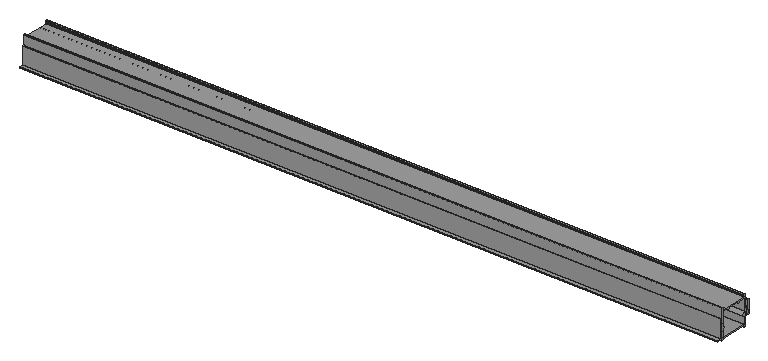
Revit family "Alcon-12100-40-PR-Revit-Family", category Lighting Fixtures, host Ceiling, Revit 2021
Family settings
  Host = Ceiling
  Round Connector Dimension = Use Diameter
  Part Type = Normal
  Always vertical = Yes
  Cut with Voids When Loaded = No
  Light Source = Yes
  Shared = No
  Room Calculation Point = No
Parameters (values of type "8'")
  Wattage = 9.2903 W
  built-in parameter 1150110 = 1 (stored number, unit not read)
  built-in parameter 1114217 = 1 (stored number, unit not read)
  built-in parameter 1150109 = 1 (stored number, unit not read)
  built-in parameter 1150134 = 3
  built-in parameter 1150113 = 1 (stored number, unit not read)
  Product identity = "Alcon Lighting 12100-40-pr"
  Manufacturer = "Alcon Light"
  built-in parameter 1150105 = 439.27 (stored number, unit not read)
  Lumens = 1380 lm
  built-in parameter 1150115 = 1 (stored number, unit not read)
  Link To Product Page = "https://www.alconlighting.com/12100-40-pr.html"
  Light Source Symbol Size = 0' - 3 1/2"
  built-in parameter 1150137 = (empty or 0)
  built-in parameter 1150139 = (empty or 0)
  Lens = Lens
  Length = 8' - 0"
  built-in parameter 1150112 = 1 (stored number, unit not read)
  built-in parameter 1150114 = 1 (stored number, unit not read)
  built-in parameter 1150132 = (empty or 0)
  built-in parameter 1150102 = (empty or 0)
  built-in parameter 1150107 = 3200 (stored number, unit not read)
  built-in parameter 1150138 = (empty or 0)
  built-in parameter 1150106 = 4.3927 (stored number, unit not read)
  Housing = Default
  Emit from Line Length = 8' - 0"
  built-in parameter 1150104 = 13.8 (stored number, unit not read)
  Dimming Lamp Color Temperature Shift = <None>
  Default Elevation = 0' - 0"
  Color Filter = 16777215
  built-in parameter 1114218 = 1 (stored number, unit not read)
  built-in parameter 1150133 = 10 (stored number, unit not read)
Types (4): name | Length | Emit from Line Length
  (no name) | 8' - 0" | 8' - 0"
  4' | 4' - 0" | 4' - 0"
  6' | 6' - 0" | 6' - 0"
  8' | 8' - 0" | 8' - 0"
Reference planes (in)
  plane 1 "Center (Front/Back)": y = 0
  plane 2 "Ceiling": z = 96
  plane 3 "Center (Left/Right)": x = 0
  plane 4: x = -48
  plane 5: x = 48
Forms (in)
  Extrusion 1, solid, material "Default" <- "Housing"
    sketch origin (-29.24843, 0, 257.00281) x (0, -1, 0) y (0, 0, -1)
      loop
        line (-2, 160.94031) -> (-2, 156.91191) -> (-1.83277, 156.91191) -> (-1.71632, 157.05069) -> (-1.79252, 157.12689) -> (-1.88778, 157.03163) -> (-1.88778, 157.28163) -> (1.88778, 157.28163) -> (1.88778, 157.03163) -> (1.79252, 157.12689) -> (1.71632, 157.05069) -> (1.83277, 156.91191) -> (2, 156.91191) -> (2, 160.94031) -> (1.87433, 160.94031) -> (1.77567, 160.84165) -> (1.77567, 160.72752) -> (1.88778, 160.82159) -> (1.88778, 159.57159) -> (1.77632, 159.50195) -> (1.85476, 159.37643) -> (1.85476, 159.23019) -> (1.71061, 159.46088) -> (1.62282, 159.40603) -> (1.88778, 158.982) -> (1.88778, 157.39018) -> (0.92076, 157.39018) -> (0.92076, 157.55788) -> (0.81291, 157.55788) -> (0.81291, 157.39018) -> (-0.81291, 157.39018) -> (-0.81291, 157.55788) -> (-0.92076, 157.55788) -> (-0.92076, 157.39018) -> (-1.88778, 157.39018) -> (-1.88778, 158.982) -> (-1.62282, 159.40603) -> (-1.71061, 159.46088) -> (-1.85476, 159.23019) -> (-1.85476, 159.37643) -> (-1.77632, 159.50195) -> (-1.88778, 159.57159) -> (-1.88778, 160.82159) -> (-1.77567, 160.72752) -> (-1.77567, 160.84165) -> (-1.87433, 160.94031) -> (-2, 160.94031)
    from -18.75157 to 77.24843
  Extrusion 2, solid, material "Lens" <- "Lens"
    sketch origin (-29.24843, 0, 257.08094) x (0, -1, 0) y (0, 0, -1)
      loop
        line (1.88778, 160.68065) -> (1.88778, 160.80565) -> (-1.88778, 160.80565) -> (-1.88778, 160.68065) -> (1.88778, 160.68065)
    from -18.75157 to 77.24843
  Extrusion 3, solid, material "Default" <- "Housing"
    sketch origin (-29.24843, -11.35839, 257.00281) x (0, 1, 0) y (0, 0, 1)
      loop
        line (13.89759, -157.78329) -> (13.77259, -157.78329) -> (13.77259, -159.5278) -> (13.48339, -159.5278) -> (13.48339, -159.20957) -> (13.35839, -159.20957) -> (13.35839, -159.6528) -> (13.89759, -159.6528) -> (13.89759, -157.78329)
      loop
        line (13.73584, -159.47859) -> (13.73584, -159.02552) -> (13.48339, -159.02552) -> (13.48339, -158.40052) -> (13.35839, -158.40052) -> (13.35839, -159.15052) -> (13.61084, -159.15052) -> (13.61084, -159.47859) -> (13.73584, -159.47859)
      loop
        line (9.35839, -158.22156) -> (9.23339, -158.22156) -> (9.23339, -160.62781) -> (8.72473, -160.62781) -> (8.72473, -160.75281) -> (9.35839, -160.75281) -> (9.35839, -158.22156)
    from -18.75157 to 77.24843
  Extrusion 4, void
    sketch origin (0, 0, 96) x (1, 0, 0) y (0, 1, 0)
      loop
        line (-48, 1.88778) -> (-48, -1.88778) -> (48, -1.88778) -> (48, 1.88778) -> (-48, 1.88778)
    from -0.57871 to 3.81561
Dimensions and locks (in)
  equal spacing: host sketch curve, plane 3 "Center (Left/Right)", host sketch curve
  equal spacing: host sketch curve, plane 1 "Center (Front/Back)", host sketch curve
  host sketch curve to host sketch curve = 10' - 0"  (x2)
  equal spacing: plane 4, plane 3 "Center (Left/Right)", plane 5
  "Length": plane 4 to plane 5
  aligned and locked: Extrusion 2 to plane 4
  aligned and locked: Extrusion 1 to plane 4
  aligned and locked: Extrusion 3 to plane 4
  aligned and locked: plane 5 to Extrusion 2
  aligned and locked: plane 5 to Extrusion 3
  aligned and locked: plane 5 to Extrusion 1
  aligned and locked: Extrusion 4 to plane 4
  aligned and locked: plane 5 to Extrusion 4
Automatic sketch dimensions
  plane 2 "Ceiling" to Extrusion 1 sketch curve = 0' - 0.27529"  (x2)
  Extrusion 1 sketch curve to plane 1 "Center (Front/Back)" = 0' - 2"
  Extrusion 1 sketch curve to Extrusion 1 sketch curve = 0' - 0.11222"  (x4)
  plane 2 "Ceiling" to Extrusion 1 sketch curve = 0' - 0.18122"  (x2)
  Extrusion 1 sketch curve to Extrusion 1 sketch curve = 0' - 0.01344"
  Extrusion 1 sketch curve to Extrusion 1 sketch curve = 0' - 0.03302"  (x2)
  Extrusion 1 sketch curve to Extrusion 1 sketch curve = 0' - 0.05501"
  Extrusion 1 sketch curve to Extrusion 1 sketch curve = 0' - 0.09526"
  plane 2 "Ceiling" to Extrusion 1 sketch curve = 0' - 1.50087"
  Extrusion 1 sketch curve to Extrusion 1 sketch curve = 0' - 0.11146"  (x2)
  Extrusion 1 sketch curve to Extrusion 1 sketch curve = 0' - 0.11211"
  Extrusion 1 sketch curve to Extrusion 1 sketch curve = 0' - 0.0762"  (x4)
  Extrusion 1 sketch curve to Extrusion 1 sketch curve = 0' - 0.06572"  (x2)
  plane 2 "Ceiling" to Extrusion 1 sketch curve = 0' - 1.59679"
  Extrusion 1 sketch curve to Extrusion 1 sketch curve = 0' - 0.08779"  (x2)
  Extrusion 1 sketch curve to Extrusion 1 sketch curve = 0' - 0.79556"  (x2)
  Extrusion 1 sketch curve to Extrusion 1 sketch curve = 0' - 0.10785"  (x2)
  Extrusion 1 sketch curve to Extrusion 1 sketch curve = 0' - 1.62581"
  Extrusion 1 sketch curve to Extrusion 1 sketch curve = 0' - 0.70206"
  plane 2 "Ceiling" to Extrusion 1 sketch curve = 0' - 0.16116"
  Extrusion 1 sketch curve to Extrusion 1 sketch curve = 0' - 0.06507"
  Extrusion 1 sketch curve to Extrusion 1 sketch curve = 0' - 0.11645"
  Extrusion 1 sketch curve to Extrusion 1 sketch curve = 0' - 0.07843"
  plane 2 "Ceiling" to Extrusion 1 sketch curve = 0' - 0 1/16"
  Extrusion 1 sketch curve to Extrusion 1 sketch curve = 0' - 0.09866"
  plane 2 "Ceiling" to Extrusion 1 sketch curve = 0' - 1.43122"
  Extrusion 1 sketch curve to Extrusion 1 sketch curve = 0' - 0"  (x2)
  Extrusion 1 sketch curve to Extrusion 1 sketch curve = 0' - 0.19516"
  Extrusion 1 sketch curve to Extrusion 1 sketch curve = 0' - 0.12552"
  Extrusion 1 sketch curve to Extrusion 1 sketch curve = 0' - 0.14623"  (x2)
  Extrusion 1 sketch curve to Extrusion 1 sketch curve = 0' - 0.24819"
  Extrusion 1 sketch curve to Extrusion 1 sketch curve = 0' - 1.42412"  (x2)
  Extrusion 1 sketch curve to Extrusion 1 sketch curve = 0' - 0.1677"  (x2)
  Extrusion 1 sketch curve to Extrusion 1 sketch curve = 0' - 0.10855"
  Extrusion 1 sketch curve to Extrusion 1 sketch curve = 0' - 0.15474"  (x2)
  Extrusion 1 sketch curve to Extrusion 1 sketch curve = 0' - 0.11972"  (x2)
  Extrusion 1 sketch curve to Extrusion 1 sketch curve = 0' - 0.02006"
  Extrusion 1 sketch curve to Extrusion 1 sketch curve = 0' - 0.11872"
  plane 2 "Ceiling" to Extrusion 2 sketch curve = 0' - 0.27529"
  plane 2 "Ceiling" to Extrusion 2 sketch curve = 0' - 0.40029"
  Extrusion 2 sketch curve to plane 1 "Center (Front/Back)" = 0' - 1.88778"
  plane 1 "Center (Front/Back)" to Extrusion 2 sketch curve = 0' - 1.88778"
  plane 2 "Ceiling" to Extrusion 3 sketch curve = 0' - 0 1/4"
  Extrusion 3 sketch curve to plane 1 "Center (Front/Back)" = 0' - 2.63367"
  Extrusion 3 sketch curve to Extrusion 3 sketch curve = 0' - 0.50867"
  Extrusion 3 sketch curve to Extrusion 3 sketch curve = 0' - 0 1/8"  (x7)
  plane 2 "Ceiling" to Extrusion 3 sketch curve = 0' - 1.35002"
  plane 1 "Center (Front/Back)" to Extrusion 3 sketch curve = 0' - 2"
  Extrusion 3 sketch curve to Extrusion 3 sketch curve = 0' - 0"
  Extrusion 3 sketch curve to Extrusion 3 sketch curve = 0' - 0.12744"
  Extrusion 3 sketch curve to Extrusion 3 sketch curve = 0' - 0.03676"
  plane 2 "Ceiling" to Extrusion 3 sketch curve = 0' - 0 3/8"
  Extrusion 3 sketch curve to Extrusion 3 sketch curve = 0' - 0.04921"
  Extrusion 3 sketch curve to Extrusion 3 sketch curve = 0' - 0.26902"
  Extrusion 3 sketch curve to Extrusion 3 sketch curve = 0' - 0.05905"
  Extrusion 3 sketch curve to Extrusion 3 sketch curve = 0' - 0 5/8"
  Extrusion 3 sketch curve to Extrusion 3 sketch curve = 0' - 2 13/32"
  Extrusion 3 sketch curve to Extrusion 3 sketch curve = 0' - 0.61723"
  Extrusion 4 sketch curve to plane 4 = 0' - 0"
  Extrusion 4 sketch curve to plane 5 = 0' - 0"
  plane 1 "Center (Front/Back)" to Extrusion 4 sketch curve = 0' - 1.88778"
  Extrusion 4 sketch curve to Extrusion 4 sketch curve = 0' - 3.77556"
